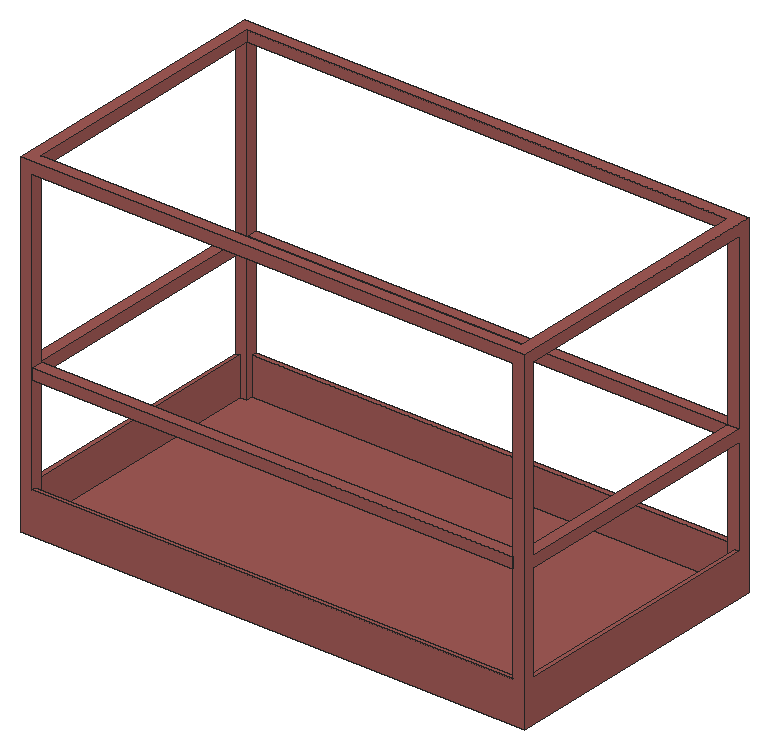
Revit family "Board + Railing", category Generic Models, Revit 2025
Family settings
  Can host rebar = No
  Round Connector Dimension = Use Diameter
  Part Type = Normal
  Work Plane-Based = No
  Always vertical = Yes
  Cut with Voids When Loaded = No
  Maintain Annotation Orientation = No
  Shared = No
  Room Calculation Point = No
Parameters
  Material = Working Scaffold - Metal Red
  Ladder Length = 650 mm
  Total Length = 1000 mm
  Total Height = 1200 mm
  Total Width = 1800 mm
  Pipe Size = 40 mm
  Default Elevation = 0 mm
  Pipe Start Base = 200 mm
Reference planes
  plane 1 "Center (Front/Back)": y = 0
  plane 2: z = 0
  plane 3 "Center (Left/Right)": x = 0
  plane 4: x = 900
  plane 5 "Board Top": z = 150
  plane 6: y = 500
  plane 7: y = -500
  plane 8 "Railing Top": z = 1200
  plane 9: x = -900
  plane 10 "Bottom Railing": z = 500
Forms (mm)
  Extrusion 1, solid, material "Working Scaffold - Metal Red" <- "Material"
    sketch origin (0, 0, 0) x (1, 0, 0) y (0, 1, 0)
      loop
        line (-900, 500) -> (-900, -500) -> (900, -500) -> (900, 500) -> (-900, 500)
    from 0 to 15
  Extrusion 2, solid, material "Working Scaffold - Metal Red" <- "Material"
    sketch origin (0, 0, 0) x (1, 0, 0) y (0, 1, 0)
      loop
        line (-900, 500) -> (-900, -500) -> (900, -500) -> (900, 500) -> (-900, 500)
      loop
        line (-885, 485) -> (-885, -485) -> (885, -485) -> (885, 485) -> (-885, 485)
    from 15 to 150
  Extrusion 3, solid, material "Working Scaffold - Metal Red" <- "Material"
    sketch origin (0, 0, 0) x (1, 0, 0) y (0, 1, 0)
      loop
        line (-900, 500) -> (-900, 460) -> (-860, 460) -> (-860, 500) -> (-900, 500)
      loop
        line (900, 500) -> (860, 500) -> (860, 460) -> (900, 460) -> (900, 500)
      loop
        line (900, -500) -> (900, -460) -> (860, -460) -> (860, -500) -> (900, -500)
      loop
        line (-900, -500) -> (-860, -500) -> (-860, -460) -> (-900, -460) -> (-900, -500)
    from 0 to 1200
  Extrusion 4, solid, material "Working Scaffold - Metal Red" <- "Material"
    sketch origin (-492.654, -1524, 1200) x (-1, 0, 0) y (0, -1, 0)
      loop
        line (367.346, -2024) -> (367.346, -1984) -> (-1352.654, -1984) -> (-1352.654, -2024) -> (367.346, -2024)
      loop
        line (367.346, -1064) -> (367.346, -1024) -> (-1352.654, -1024) -> (-1352.654, -1064) -> (367.346, -1064)
    from -40 to 0
  Extrusion 5, solid, material "Working Scaffold - Metal Red" <- "Material"
    sketch origin (-492.654, -1524, 1200) x (-1, 0, 0) y (0, -1, 0)
      loop
        line (407.346, -1984) -> (407.346, -1064) -> (367.346, -1064) -> (367.346, -1984) -> (407.346, -1984)
      loop
        line (-1352.654, -1984) -> (-1352.654, -1064) -> (-1392.654, -1064) -> (-1392.654, -1984) -> (-1352.654, -1984)
    from -40 to 0
  Extrusion 6, solid, material "Working Scaffold - Metal Red" <- "Material"
    sketch origin (-360.448, -1524, 500) x (-1, 0, 0) y (0, -1, 0)
      loop
        line (539.552, -1984) -> (539.552, -1064) -> (499.552, -1064) -> (499.552, -1984) -> (539.552, -1984)
      loop
        line (-1220.448, -1984) -> (-1220.448, -1064) -> (-1260.448, -1064) -> (-1260.448, -1984) -> (-1220.448, -1984)
    from 0 to 40
  Extrusion 7, solid, material "Working Scaffold - Metal Red" <- "Material"
    sketch origin (-360.448, -1524, 500) x (-1, 0, 0) y (0, -1, 0)
      loop
        line (499.552, -2024) -> (499.552, -1984) -> (-1220.448, -1984) -> (-1220.448, -2024) -> (499.552, -2024)
      loop
        line (499.552, -1064) -> (499.552, -1024) -> (-1220.448, -1024) -> (-1220.448, -1064) -> (499.552, -1064)
    from 0 to 40
Cuts and joins
  joined: Extrusion 1, Extrusion 2, Extrusion 3, Extrusion 4, Extrusion 5, Extrusion 6
Dimensions and locks
  equal spacing: plane 9, plane 3 "Center (Left/Right)", plane 4
  "Total Length": plane 6 to plane 7
  equal spacing: plane 6, plane 1 "Center (Front/Back)", plane 7
  "Total Width": plane 9 to plane 4
  locked: plane 5 "Board Top" to level at 150
  "Pipe Size": plane 9 to Extrusion 3 sketch curve  (x2)
  "Pipe Size": plane 6 to Extrusion 3 sketch curve  (x2)
  "Pipe Size": Extrusion 3 sketch curve to plane 4  (x2)
  "Pipe Size": Extrusion 3 sketch curve to plane 7  (x2)
  "Total Height": plane 8 "Railing Top" to level
  plane 10 "Bottom Railing" to level = 500 mm
  aligned and locked: level to plane 2
  aligned and locked: Extrusion 1 sketch curve to plane 6
  aligned and locked: Extrusion 1 sketch curve to plane 9
  aligned and locked: Extrusion 1 sketch curve to plane 7
  aligned and locked: plane 4 to Extrusion 1 sketch curve
  aligned and locked: plane 9 to Extrusion 2 sketch curve
  aligned and locked: Extrusion 2 sketch curve to plane 4
  aligned and locked: Extrusion 2 sketch curve to plane 6
  aligned and locked: Extrusion 2 sketch curve to plane 7
  aligned and locked: plane 5 "Board Top" to Extrusion 2
  aligned and locked: Extrusion 2 to Extrusion 1
  aligned and locked: Extrusion 3 sketch curve to plane 6  (x2)
  aligned and locked: plane 9 to Extrusion 3 sketch curve
  aligned and locked: plane 4 to Extrusion 3 sketch curve
  aligned and locked: Extrusion 3 sketch curve to plane 7
  aligned and locked: Extrusion 3 sketch curve to plane 4
  aligned and locked: Extrusion 3 sketch curve to plane 9
  aligned and locked: plane 8 "Railing Top" to Extrusion 3
  aligned and locked: Extrusion 4 sketch curve to Extrusion 3  (x5)
  aligned and locked: plane 8 "Railing Top" to Extrusion 4
  aligned and locked: Extrusion 5 sketch curve to Extrusion 3  (x6)
  aligned and locked: Extrusion 4 to Extrusion 5 sketch curve
  aligned and locked: Extrusion 3 to Extrusion 4 sketch curve
  aligned and locked: Extrusion 4 sketch curve to plane 7
  aligned and locked: plane 8 "Railing Top" to Extrusion 5
Automatic sketch dimensions
  plane 9 to Extrusion 2 sketch curve = 15 mm
  Extrusion 2 sketch curve to plane 4 = 15 mm
  plane 7 to Extrusion 2 sketch curve = 15 mm
  Extrusion 2 sketch curve to plane 6 = 15 mm
  Extrusion 5 sketch curve to Extrusion 5 sketch curve = 40 mm
  Extrusion 4 sketch curve to Extrusion 4 sketch curve = 40 mm
  Extrusion 6 sketch curve to plane 4 = 0 mm
  Extrusion 6 sketch curve to plane 9 = 0 mm
  Extrusion 6 sketch curve to plane 4 = 40 mm
  Extrusion 6 sketch curve to Extrusion 6 sketch curve = 40 mm
  Extrusion 6 sketch curve to plane 6 = 40 mm  (x2)
  plane 7 to Extrusion 6 sketch curve = 40 mm  (x2)
  Extrusion 7 sketch curve to plane 7 = 0 mm
  Extrusion 7 sketch curve to plane 6 = 0 mm
  Extrusion 7 sketch curve to plane 4 = 40 mm  (x2)
  plane 9 to Extrusion 7 sketch curve = 40 mm  (x2)
  Extrusion 7 sketch curve to Extrusion 7 sketch curve = 40 mm
  plane 7 to Extrusion 7 sketch curve = 40 mm
  Extrusion 3 sketch curve to plane 7 = 0 mm
